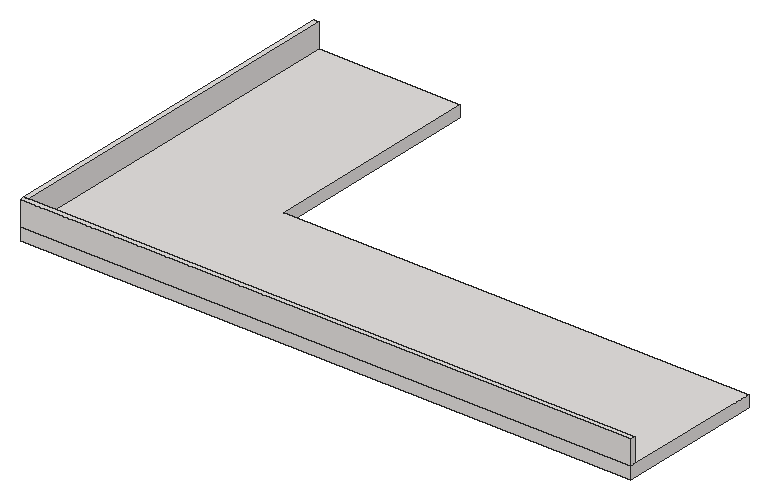
Revit family "Bancada_Ele_Seca_Lab", category Plumbing Fixtures, Revit 2020
Family settings
  Round Connector Dimension = Use Diameter
  Part Type = Normal
  OmniClass Number = 23.40.20.00
  OmniClass Title = General Furniture and Specialties
  Work Plane-Based = No
  Always vertical = Yes
  Cut with Voids When Loaded = No
  Shared = No
  Room Calculation Point = Yes
Parameters (values of type "BAN_060x090_ELE_SEC_LAB")
  Material_Bancada [instance] = CT_Bancadas_Labs
  Description = "Descrição do tipo"
  Default Elevation = 0.000 m
  Bancada_Profundidade = 0.600 m
  Bancada_Frente_2 [instance] = 1.500 m
  Bancada_Frente_1 [instance] = 2.500 m
  Bancada_Altura = 0.900 m
Reference planes (m)
  plane 1: y = -0.02
  plane 2: z = 0
  plane 3: x = 0
  plane 4 "Base Bancada": z = 0.9
  plane 5: y = 0.58
  plane 6: y = 1.48
  plane 7: x = 0.6
  plane 8: x = 2.5
  plane 9 "Centro E/I": z = 0.85
  plane 10: y = 0
  plane 11: x = 0.02
  plane 12: z = 1
Forms (m)
  Extrusion 1, solid, material "CT_Bancadas_Labs" <- "Material_Bancada"
    sketch origin (0, 0, 0) x (1, 0, 0) y (0, 1, 0)
      loop
        line (0, -0.02) -> (2.5, -0.02) -> (2.5, 0.58) -> (0.6, 0.58) -> (0.6, 1.48) -> (0, 1.48) -> (0, -0.02)
    from 0.85 to 0.9
  Extrusion 2, solid, material "CT_Bancadas_Labs" <- "Material_Bancada"
    sketch origin (0, 0, 0) x (1, 0, 0) y (0, 1, 0)
      loop
        line (0, -0.02) -> (2.5, -0.02) -> (2.5, 0) -> (0, 0) -> (0, -0.02)
    from 0.9 to 1
  Extrusion 3, solid, material "CT_Bancadas_Labs" <- "Material_Bancada"
    sketch origin (0, 0, 0) x (1, 0, 0) y (0, 1, 0)
      loop
        line (0, 0) -> (0.02, 0) -> (0.02, 1.48) -> (0, 1.48) -> (0, 0)
    from 0.9 to 1
Dimensions and locks (m)
  "Bancada_Altura": plane 4 "Base Bancada" to level
  plane 4 "Base Bancada" to plane 2 = 0.900 m
  "Bancada_Profundidade": plane 3 to plane 7
  "Bancada_Profundidade": plane 1 to plane 5
  "Bancada_Frente_1": plane 3 to plane 8
  "Bancada_Frente_2": plane 1 to plane 6
  locked: plane 9 "Centro E/I" to plane 4 "Base Bancada" at 0.05
  locked: plane 3 to plane 11 at 0.02
  locked: plane 1 to plane 10 at 0.02
  locked: plane 12 to plane 4 "Base Bancada" at 0.1
  aligned and locked: level to plane 2
  aligned and locked: plane 1 to Extrusion 1  (x2)
  aligned and locked: Extrusion 1 to plane 3  (x2)
  aligned and locked: plane 4 "Base Bancada" to Extrusion 1
  aligned and locked: Extrusion 1 sketch curve to plane 8
  aligned and locked: Extrusion 1 sketch curve to plane 3
  aligned and locked: plane 1 to Extrusion 1 sketch curve
  aligned and locked: Extrusion 1 sketch curve to plane 7
  aligned and locked: Extrusion 1 sketch curve to plane 5
  aligned and locked: plane 6 to Extrusion 1 sketch curve
  aligned and locked: Extrusion 1 to plane 9 "Centro E/I"
  aligned and locked: Extrusion 2 sketch curve to Extrusion 1
  aligned and locked: Extrusion 1 to Extrusion 2 sketch curve
  aligned and locked: plane 8 to Extrusion 2 sketch curve
  aligned and locked: plane 12 to Extrusion 2
  aligned and locked: Extrusion 2 to plane 4 "Base Bancada"
  aligned and locked: plane 10 to Extrusion 2
  aligned and locked: Extrusion 3 sketch curve to plane 3
  aligned and locked: plane 11 to Extrusion 3 sketch curve
  aligned and locked: Extrusion 3 sketch curve to plane 6
  aligned and locked: Extrusion 3 sketch curve to plane 10
  aligned and locked: Extrusion 2 to Extrusion 3
  aligned and locked: Extrusion 3 to plane 4 "Base Bancada"
Automatic sketch dimensions
  Extrusion 2 sketch curve to plane 1 = 0.020 m
